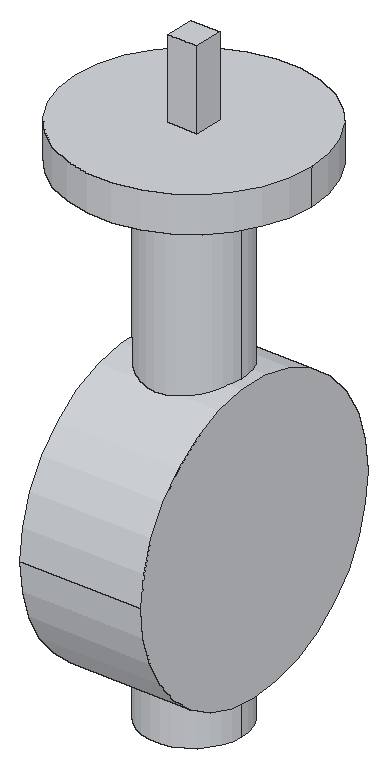
Revit family "HS497-68_disk-nerez_volné vřeteno DN065-RFA_2019", category Pipe Accessories, Revit 2019
Family settings
  Round Connector Dimension = Use Diameter
  Part Type = Valve - Breaks Into
  Work Plane-Based = No
  Always vertical = Yes
  Cut with Voids When Loaded = No
  Shared = No
Parameters (values of type "HS 497-68_DN065_PN16_volné vřeteno")
  magiProductId = "5e5e208646e34ec29f889baab5d08e"
  magiProductFamilyId = "53cea81e6f374d17b8841d9c72ad77"
  magiPartTypeId = 305
  isMeasuringValve [instance] = no
  ang2D [instance] = 0.00°
  X11 = 61.456 mm
  X1 = 25.456 mm
  W2D = 1000 mm
  VersionID = "2.0/2017.9.26.1/ZETKAMA_497_001"
  Use Minimum Symbol Size [instance] = yes
  URL = "http://www.hydronic.cz"
  Type Comments = "mezipřírubová; lnerezový disk; PN16; -10~+110°C (krátkodobě +120°C)"
  SW30 = no
  SW3 = no
  SW21 = no
  SW20 = no
  SW2 = no
  SW1 = yes
  R = 32.5 mm
  QmdConnectorList = "301;D;302;D"
  Productdata [instance] = ""
  NC = 50 mm
  Manufacturer = "Hydronic Systems Prague s.r.o."
  MM20 = 25.456 mm
  MC Product Code = "124 065 (nerezový disk, s volným vřetenem; DN65; PN16, kvs167)"
  M41 = 66 mm
  M4 = 44 mm
  LHL = 220 mm
  LHH3 = 2.45 mm
  LHH1 = 46.55 mm
  LH1 = 73.333 mm
  L4R__ve = -L4R  # -12.8 mm
  L4R = 12.8 mm
  L42__ve = -L42  # -96 mm
  L42 = 96 mm
  L41__ve = -L41  # -19.2 mm
  L41 = 19.2 mm
  L2D_Min = 3048 mm
  L2D = 216 mm
  L2 = 23 mm
  L1 = 36.8 mm
  L = 46 mm
  H = 30 mm
  G22 = 11.25 mm
  G2 = 22.5 mm
  G1 = 90 mm
  G = 90 mm
  F = 11 mm
  E44 = 31.25 mm
  E42 = 62.5 mm
  E4 = 125 mm
  E23 = 4.9 mm
  E22 = 19.6 mm
  E21 = 9.8 mm
  Description = "Mezipřírubová uzavírací klapka s volným vřetenem; nerezový disk, DN65; PN16; kv167"
  DR2 = 32.5 mm
  DR = 108 mm
  DD1 = 15.625 mm
  DD = 12.5 mm
  D = 65 mm
  CAT0 = yes
  B2__ve = -B2  # -36.5 mm
  B2 = 36.5 mm
  A2 = 13.5 mm
  A1 = 89 mm
Types (43, lengths in mm): name | magiProductId | X11 | X1 | Type Comments | SW30 | SW3 | SW20 | SW2 | SW1 | R | NC | Manufacturer | MM20 | MC Product Code | M41 | M4 | LHL | LHH3 | LHH1 | LH1 | L4R__ve | L4R | L42__ve | L42 | L41__ve | L41 | L2 | L1 | L | H | G | F | E44 | E42 | E4 | E23 | E22 | E21 | Description | DR2 | DR | DD1 | DD | D | B2__ve | B2 | A2 | A1
  HS 497-68_DN100_PN16_volné vřeteno | "65d1b245f4f142c78569c0602d5754" | 61.456 | 25.456 | "mezipřírubová; nerezový disk; PN16; -10~+110°C (krátkodobě +120°C)" | no | no | no | no | yes | 50 | 50 | "Hydronic Systems Prague s.r.o." | 25.456 | "124 100 (nerezový disk, s volným vřetenem; DN100; PN16, kvs512)" | 66 | 44 | 220 | 2.45 | 46.55 | 73.333 | -12.8 | 12.8 | -96 | 96 | -19.2 | 19.2 | 26 | 41.6 | 52 | 30 | 90 | 11 | 31.25 | 62.5 | 125 | 4.9 | 19.6 | 9.8 | "Mezipřírubová uzavírací klapka s volným vřetenem; nerezový disk, DN100; PN16; kvs512" | 50 | 147 | 15.625 | 12.5 | 100 | -56 | 56 | 16.5 | 98.5
  HS 497-68_DN100_PN16_převodové kolo | "11e91b807e674d428c8e796fcdcfe2" | 61.456 | 25.456 | "mezipřírubová; nerezový disk; PN16; -10~+110°C (krátkodobě +120°C)" | yes | yes | no | no | no | 50 | 50 | "Hydronic Systems Prague s.r.o." | 25.456 | "126 100 (nerezový disk, s převodovým kolem; DN100; PN16, kvs512)" | 65.25 | 43.5 | 220 | 2.45 | 46.55 | 73.333 | -12.8 | 12.8 | -96 | 96 | -19.2 | 19.2 | 26 | 41.6 | 52 | 30 | 90 | 11 | 31.25 | 62.5 | 125 | 4.9 | 19.6 | 9.8 | "Mezipřírubová uzavírací klapka s převodovým kolem; nerezový disk, DN100; PN16; kvs512" | 50 | 147 | 15.625 | 12.5 | 100 | -56 | 56 | 16.5 | 98.5
  HS 497-68_DN100_PN16_s pákou | "28172f0b3f4b47b28323ac71cf8749" | 61.456 | 25.456 | "mezipřírubová; nerezový disk; PN16; -10~+110°C (krátkodobě +120°C)" | no | no | yes | yes | no | 50 | 50 | "Hydronic Systems Prague s.r.o." | 25.456 | "121 100 (nerezový disk, s pákou; DN100; PN16, kvs512)" | 66 | 44 | 260 | 3 | 57 | 86.667 | -12.8 | 12.8 | -96 | 96 | -19.2 | 19.2 | 26 | 41.6 | 52 | 30 | 90 | 11 | 31.25 | 62.5 | 125 | 6 | 24 | 12 | "Mezipřírubová uzavírací klapka s pákou; nerezový disk, DN100; PN16; kvs512" | 50 | 147 | 15.625 | 12.5 | 100 | -56 | 56 | 16.5 | 98.5
  HS 497-68_DN125_PN16_volné vřeteno | "0d813d910fc14f628bb3c2efbd185c" | 61.456 | 25.456 | "mezipřírubová; nerezový disk; PN16; -10~+110°C (krátkodobě +120°C)" | no | no | no | no | yes | 62.5 | 50 | "Hydronic Systems Prague s.r.o." | 25.456 | "124 125 (nerezový disk, s volným vřetenem; DN125; PN16, kvs872)" | 66 | 44 | 220 | 2.45 | 46.55 | 73.333 | -12.8 | 12.8 | -96 | 96 | -19.2 | 19.2 | 28 | 44.8 | 56 | 33 | 90 | 14 | 31.25 | 62.5 | 125 | 4.9 | 19.6 | 9.8 | "Mezipřírubová uzavírací klapka s volným vřetenem; nerezový disk, DN125; PN16; kvs872" | 62.5 | 180 | 15.625 | 12.5 | 125 | -64 | 64 | 18 | 99.5
  HS 497-68_DN125_PN16_převodové kolo | "c56b7c13f372467684996fb1e0e229" | 61.456 | 25.456 | "mezipřírubová; nerezový disk; PN16; -10~+110°C (krátkodobě +120°C)" | yes | yes | no | no | no | 62.5 | 50 | "Hydronic Systems Prague s.r.o." | 25.456 | "126125 (nerezový disk, s převodovým kolem; DN125; PN16, kvs872)" | 65.25 | 43.5 | 220 | 2.45 | 46.55 | 73.333 | -13.5 | 13.5 | -101.25 | 101.25 | -20.25 | 20.25 | 28 | 44.8 | 56 | 33 | 90 | 14 | 40 | 80 | 160 | 4.9 | 19.6 | 9.8 | "Mezipřírubová uzavírací klapka s převodovým kolem; nerezový disk, DN125; PN16; kvs872" | 62.5 | 180 | 20 | 16 | 125 | -64 | 64 | 18 | 99.5
  HS 497-68_DN125_PN16_s pákou | "105993c79a91492399feef7931321a" | 61.456 | 25.456 | "mezipřírubová; nerezový disk; PN16; -10~+110°C (krátkodobě +120°C)" | no | no | yes | yes | no | 62.5 | 50 | "Hydronic Systems Prague s.r.o." | 25.456 | "121 125 (nerezový disk, s pákou; DN125; PN16, kvs872)" | 66 | 44 | 315 | 3.75 | 71.25 | 105 | -12.8 | 12.8 | -96 | 96 | -19.2 | 19.2 | 28 | 44.8 | 56 | 33 | 90 | 14 | 31.25 | 62.5 | 125 | 7.5 | 30 | 15 | "Mezipřírubová uzavírací klapka s pákou; nerezový disk, DN125; PN16; kvs872" | 62.5 | 180 | 15.625 | 12.5 | 125 | -64 | 64 | 18 | 99.5
  HS 497-68_DN150_PN16_volné vřeteno | "50c80cb8ab434f55ab7796e5ac1331" | 61.456 | 25.456 | "mezipřírubová; nerezový disk; PN16; -10~+110°C (krátkodobě +120°C)" | no | no | no | no | yes | 75 | 50 | "Hydronic Systems Prague s.r.o." | 25.456 | "124 150 (nerezový disk, s volným vřetenem; DN150; PN16, kvs1347)" | 66 | 44 | 220 | 2.45 | 46.55 | 73.333 | -12.8 | 12.8 | -96 | 96 | -19.2 | 19.2 | 28 | 44.8 | 56 | 33 | 90 | 14 | 31.25 | 62.5 | 125 | 4.9 | 19.6 | 9.8 | "Mezipřírubová uzavírací klapka s volným vřetenem; nerezový disk, DN150; PN16; kvs1347" | 75 | 206 | 15.625 | 12.5 | 150 | -58 | 58 | 19.3 | 98.7
  HS 497-68_DN150_PN16_převodové kolo | "d94a1a0cf83b476eb10011b327f709" | 61.456 | 25.456 | "mezipřírubová; nerezový disk; PN16; -10~+110°C (krátkodobě +120°C)" | yes | yes | no | no | no | 75 | 50 | "Hydronic Systems Prague s.r.o." | 25.456 | "126 150 (nerezový disk, s převodovým kolem; DN150; PN16, kvs1347)" | 65.25 | 43.5 | 220 | 2.45 | 46.55 | 73.333 | -13.5 | 13.5 | -101.25 | 101.25 | -20.25 | 20.25 | 28 | 44.8 | 56 | 33 | 90 | 14 | 40 | 80 | 160 | 4.9 | 19.6 | 9.8 | "Mezipřírubová uzavírací klapka s převodovým kolem; nerezový disk, DN150; PN16; kvs1347" | 75 | 206 | 20 | 16 | 150 | -58 | 58 | 19.3 | 98.7
  HS 497-68_DN150_PN16_s pákou | "4d2835523fe84828bc50ff0a5a0dfb" | 61.456 | 25.456 | "mezipřírubová; nerezový disk; PN16; -10~+110°C (krátkodobě +120°C)" | no | no | yes | yes | no | 75 | 50 | "Hydronic Systems Prague s.r.o." | 25.456 | "121 150 (nerezový disk, s pákou; DN150; PN16, kvs1347)" | 66 | 44 | 315 | 3.75 | 71.25 | 105 | -12.8 | 12.8 | -96 | 96 | -19.2 | 19.2 | 28 | 44.8 | 56 | 33 | 90 | 14 | 31.25 | 62.5 | 125 | 7.5 | 30 | 15 | "Mezipřírubová uzavírací klapka s pákou; nerezový disk, DN150; PN16; kvs1347" | 75 | 206 | 15.625 | 12.5 | 150 | -58 | 58 | 19.3 | 98.7
  HS 497-68_DN200_PN16_volné vřeteno | "5b29029eaeba47139ee1055a4b9201" | 61.456 | 25.456 | "mezipřírubová; nerezový disk; PN16; -10~+110°C (krátkodobě +120°C)" | no | no | no | no | yes | 100 | 50 | "Hydronic Systems Prague s.r.o." | 25.456 | "124 200 (nerezový disk, s volným vřetenem; DN200; PN16, kvs2675)" | 66 | 44 | 220 | 2.45 | 46.55 | 73.333 | -12.8 | 12.8 | -96 | 96 | -19.2 | 19.2 | 30 | 48 | 60 | 33 | 90 | 17 | 31.25 | 62.5 | 125 | 4.9 | 19.6 | 9.8 | "Mezipřírubová uzavírací klapka s volným vřetenem; nerezový disk, DN200; PN16; kvs2675" | 100 | 257 | 15.625 | 12.5 | 200 | -70 | 70 | 22.5 | 102.5
  HS 497-68_DN200_PN16_převodové kolo | "b2793cc1fcc44cf2a35062cd67c04f" | 61.456 | 25.456 | "mezipřírubová; nerezový disk; PN16; -10~+110°C (krátkodobě +120°C)" | yes | yes | no | no | no | 100 | 57 | "Hydronic Systems Prague s.r.o." | 25.456 | "126 200 (nerezový disk, s převodovým kolem; DN200; PN16, kvs2675)" | 78.75 | 52.5 | 220 | 2.45 | 46.55 | 73.333 | -15.2 | 15.2 | -114 | 114 | -22.8 | 22.8 | 30 | 48 | 60 | 33 | 90 | 17 | 50 | 100 | 200 | 4.9 | 19.6 | 9.8 | "Mezipřírubová uzavírací klapka s převodovým kolem; nerezový disk, DN200; PN16; kvs2675" | 100 | 257 | 25 | 20 | 200 | -70 | 70 | 22.5 | 102.5
  HS 497-68_DN200_PN16_s pákou | "f88d96c7af224537a51e72d7d8fffe" | 61.456 | 25.456 | "mezipřírubová; nerezový disk; PN16; -10~+110°C (krátkodobě +120°C)" | no | no | yes | yes | no | 100 | 50 | "Hydronic Systems Prague s.r.o." | 25.456 | "121 200 (nerezový disk, s pákou; DN200; PN16, kvs2675)" | 66 | 44 | 315 | 3.75 | 71.25 | 105 | -12.8 | 12.8 | -96 | 96 | -19.2 | 19.2 | 30 | 48 | 60 | 33 | 90 | 17 | 31.25 | 62.5 | 125 | 7.5 | 30 | 15 | "Mezipřírubová uzavírací klapka s pákou; nerezový disk, DN200; PN16; kvs2675" | 100 | 257 | 15.625 | 12.5 | 200 | -70 | 70 | 22.5 | 102.5
  HS 497-68_DN250_PN16_volné vřeteno | "b662e8305ca2402b9c510e66e6aa55" | 88.77 | 36.77 | "mezipřírubová; nerezový disk; PN16; -10~+110°C (krátkodobě +120°C)" | no | no | no | no | yes | 125 | 50 | "Hydronic Systems Prague s.r.o." | 36.77 | "124 250 (nerezový disk, s volným vřetenem; DN250; PN16, kvs4555)" | 66 | 44 | 220 | 2.45 | 46.55 | 73.333 | -12.8 | 12.8 | -96 | 96 | -19.2 | 19.2 | 34 | 54.4 | 68 | 23 | 130 | 22 | 31.25 | 62.5 | 125 | 4.9 | 19.6 | 9.8 | "Mezipřírubová uzavírací klapka s volným vřetenem; nerezový disk, DN250; PN16; kvs4555" | 125 | 324 | 15.625 | 12.5 | 250 | -85 | 85 | 28.25 | 129.25
  HS 497-68_DN250_PN16_převodové kolo | "5ee9016806664ddfaa2632711f295c" | 88.77 | 36.77 | "mezipřírubová; nerezový disk; PN16; -10~+110°C (krátkodobě +120°C)" | yes | yes | no | no | no | 125 | 70 | "Hydronic Systems Prague s.r.o." | 36.77 | "126 250 (nerezový disk, s převodovým kolem; DN250; PN16, kvs4555)" | 91.5 | 61 | 220 | 2.45 | 46.55 | 73.333 | -22.2 | 22.2 | -166.5 | 166.5 | -33.3 | 33.3 | 34 | 54.4 | 68 | 23 | 130 | 22 | 62.5 | 125 | 250 | 4.9 | 19.6 | 9.8 | "Mezipřírubová uzavírací klapka s převodovým kolem; nerezový disk, DN250; PN16; kvs4555" | 125 | 324 | 31.25 | 25 | 250 | -85 | 85 | 28.25 | 129.25
  HS 497-68_DN300_PN16_volné vřeteno | "e1886f51ff004380a649519258edf2" | 88.77 | 36.77 | "mezipřírubová; nerezový disk; PN16; -10~+110°C (krátkodobě +120°C)" | no | no | no | no | yes | 150 | 50 | "Hydronic Systems Prague s.r.o." | 36.77 | "124 300 (nerezový disk, s volným vřetenem; DN300; PN16, kvs7037)" | 66 | 44 | 220 | 2.45 | 46.55 | 73.333 | -12.8 | 12.8 | -96 | 96 | -19.2 | 19.2 | 39 | 62.4 | 78 | 23 | 130 | 22 | 31.25 | 62.5 | 125 | 4.9 | 19.6 | 9.8 | "Mezipřírubová uzavírací klapka s volným vřetenem; nerezový disk, DN300; PN16; kvs7037" | 150 | 376 | 15.625 | 12.5 | 300 | -90 | 90 | 30.8 | 127.2
  HS 497-68_DN300_PN16_převodové kolo | "6860f094f77d42088fbebc3c97f755" | 88.77 | 36.77 | "mezipřírubová; nerezový disk; PN16; -10~+110°C (krátkodobě +120°C)" | yes | yes | no | no | no | 150 | 70 | "Hydronic Systems Prague s.r.o." | 36.77 | "126 300 (nerezový disk, s převodovým kolem; DN300; PN16, kvs7037)" | 91.5 | 61 | 220 | 2.45 | 46.55 | 73.333 | -22.2 | 22.2 | -166.5 | 166.5 | -33.3 | 33.3 | 39 | 62.4 | 78 | 23 | 130 | 22 | 62.5 | 125 | 250 | 4.9 | 19.6 | 9.8 | "Mezipřírubová uzavírací klapka s převodovým kolem; nerezový disk, DN300; PN16; kvs7037" | 150 | 376 | 31.25 | 25 | 300 | -90 | 90 | 30.8 | 127.2
  HS 497-68_DN032_PN16_volné vřeteno | "8c5f65de52aa4067a77564107e31b2" | 61.456 | 25.456 | "mezipřírubová; nerezový disk; PN16; -10~+110°C (krátkodobě +120°C)" | no | no | no | no | yes | 16 | 50 | "Hydronic Systems Prague s.r.o." | 25.456 | "124 032 (nerezový disk, s volným vřetenem; DN32; PN16, kvs78)" | 66 | 44 | 220 | 2.45 | 46.55 | 73.333 | -12.8 | 12.8 | -96 | 96 | -19.2 | 19.2 | 16.5 | 26.4 | 33 | 30 | 90 | 11 | 31.25 | 62.5 | 125 | 4.9 | 19.6 | 9.8 | "Mezipřírubová uzavírací klapka s volným vřetenem; nerezový disk, DN32; PN16; kvs78" | 16 | 68 | 15.625 | 12.5 | 32 | -44.2 | 44.2 | 10.25 | 76.25
  HS 497-68_DN032_PN16_převodové kolo | "60aaeffa8b3a4e809ef000e4660060" | 61.456 | 25.456 | "mezipřírubová; nerezový disk; PN16; -10~+110°C (krátkodobě +120°C)" | yes | yes | no | no | no | 16 | 50 | "Hydronic Systems Prague s.r.o." | 25.456 | "126 032 (nerezový disk, s převodovým kolem; DN32; PN16, kvs78)" | 65.25 | 43.5 | 220 | 2.45 | 46.55 | 73.333 | -12.8 | 12.8 | -96 | 96 | -19.2 | 19.2 | 16.5 | 26.4 | 33 | 30 | 90 | 11 | 31.25 | 62.5 | 125 | 4.9 | 19.6 | 9.8 | "Mezipřírubová uzavírací klapka s převodovým kolem; nerezový disk, DN32; PN16; kvs78" | 16 | 68 | 15.625 | 12.5 | 32 | -44.2 | 44.2 | 10.25 | 76.25
  HS 497-68_DN032_PN16_s pákou | "9ad8088d610749a1b871aa2aad8007" | 61.456 | 25.456 | "mezipřírubová; nerezový disk; PN16; -10~+110°C (krátkodobě +120°C)" | no | no | yes | yes | no | 16 | 50 | "Hydronic Systems Prague s.r.o." | 25.456 | "121 032 (nerezový disk, s pákou; DN32; PN16, kvs78)" | 66 | 44 | 220 | 2.45 | 46.55 | 73.333 | -12.8 | 12.8 | -96 | 96 | -19.2 | 19.2 | 16.5 | 26.4 | 33 | 30 | 90 | 11 | 31.25 | 62.5 | 125 | 4.9 | 19.6 | 9.8 | "Mezipřírubová uzavírací klapka s pákou; nerezový disk, DN32; PN16; kvs78" | 16 | 68 | 15.625 | 12.5 | 32 | -44.2 | 44.2 | 10.25 | 76.25
  HS 497-68_DN350_PN10_volné vřeteno | "72a1e05f22944421b7e9596a877137" | 109.255 | 45.255 | "mezipřírubová; nerezový disk; PN10; -10~+110°C (krátkodobě +120°C)" | no | no | no | no | yes | 175 | 50 | "Hydronic Systems Prague s.r.o." | 45.255 | "124 350 (nerezový disk, s volným vřetenem; DN350; PN10, kvs10165)" | 66 | 44 | 220 | 2.45 | 46.55 | 73.333 | -12.8 | 12.8 | -96 | 96 | -19.2 | 19.2 | 39 | 62.4 | 78 | 31 | 160 | 22 | 31.25 | 62.5 | 125 | 4.9 | 19.6 | 9.8 | "Mezipřírubová uzavírací klapka s volným vřetenem; nerezový disk, DN350; PN10; kvs10165" | 175 | 430 | 15.625 | 12.5 | 350 | -88 | 88 | 33.85 | 129.65
  HS 497-68_DN350_PN10_převodové kolo | "a5a01426cb28494ba3afca92f1dace" | 109.255 | 45.255 | "mezipřírubová; nerezový disk; PN10; -10~+110°C (krátkodobě +120°C)" | yes | yes | no | no | no | 175 | 70 | "Hydronic Systems Prague s.r.o." | 45.255 | "126 350 (nerezový disk, s převodovým kolem; DN350; PN10, kvs10165)" | 91.5 | 61 | 220 | 2.45 | 46.55 | 73.333 | -22.2 | 22.2 | -166.5 | 166.5 | -33.3 | 33.3 | 39 | 62.4 | 78 | 31 | 160 | 22 | 62.5 | 125 | 250 | 4.9 | 19.6 | 9.8 | "Mezipřírubová uzavírací klapka s převodovým kolem; nerezový disk, DN350; PN10; kvs10165" | 175 | 430 | 31.25 | 25 | 350 | -88 | 88 | 33.85 | 129.65
  HS 497-68_DN400_PN10_volné vřeteno | "c70ebeb927c04ab99b176e257ad0a7" | 109.255 | 45.255 | "mezipřírubová; nerezový disk; PN10; -10~+110°C (krátkodobě +120°C)" | no | no | no | no | yes | 200 | 50 | "Hydronic Systems Prague s.r.o." | 45.255 | "124 400 (nerezový disk, s volným vřetenem; DN400; PN10, kvs13799)" | 66 | 44 | 220 | 2.45 | 46.55 | 73.333 | -12.8 | 12.8 | -96 | 96 | -19.2 | 19.2 | 51 | 81.6 | 102 | 31 | 160 | 27 | 31.25 | 62.5 | 125 | 4.9 | 19.6 | 9.8 | "Mezipřírubová uzavírací klapka s volným vřetenem; nerezový disk, DN400; PN10; kvs13799" | 200 | 485 | 15.625 | 12.5 | 400 | -108 | 108 | 38 | 142
  HS 497-68_DN400_PN10_převodové kolo | "cc64a4384dcb41b780d81810f4f293" | 109.255 | 45.255 | "mezipřírubová; nerezový disk; PN10; -10~+110°C (krátkodobě +120°C)" | yes | yes | no | no | no | 200 | 72.5 | "Hydronic Systems Prague s.r.o." | 45.255 | "126 400 (nerezový disk, s převodovým kolem; DN400; PN10, kvs13799)" | 103.5 | 69 | 220 | 2.45 | 46.55 | 73.333 | -27.8 | 27.8 | -208.5 | 208.5 | -41.7 | 41.7 | 51 | 81.6 | 102 | 31 | 160 | 27 | 75 | 150 | 300 | 4.9 | 19.6 | 9.8 | "Mezipřírubová uzavírací klapka s převodovým kolem; nerezový disk, DN400; PN10; kvs13799" | 200 | 485 | 37.5 | 30 | 400 | -108 | 108 | 38 | 142
  HS 497-68_DN040_PN16_volné vřeteno | "35f92312390745e88df5b5c325d9ee" | 61.456 | 25.456 | "mezipřírubová; nerezový disk; PN16; -10~+110°C (krátkodobě +120°C)" | no | no | no | no | yes | 20 | 50 | "Hydronic Systems Prague s.r.o." | 25.456 | "124 040 (nerezový disk, s volným vřetenem; DN40; PN16, kvs78)" | 66 | 44 | 220 | 2.45 | 46.55 | 73.333 | -12.8 | 12.8 | -96 | 96 | -19.2 | 19.2 | 16.5 | 26.4 | 33 | 30 | 90 | 11 | 31.25 | 62.5 | 125 | 4.9 | 19.6 | 9.8 | "Mezipřírubová uzavírací klapka s volným vřetenem; nerezový disk, DN40; PN16; kvs78" | 20 | 76 | 15.625 | 12.5 | 40 | -36 | 36 | 11 | 79
  HS 497-68_DN040_PN16_převodové kolo | "d88e968eae3445bc9b7b4e6ff35127" | 61.456 | 25.456 | "mezipřírubová; nerezový disk; PN16; -10~+110°C (krátkodobě +120°C)" | yes | yes | no | no | no | 20 | 50 | "Hydronic Systems Prague s.r.o." | 25.456 | "126 040 (nerezový disk, s převodovým kolem; DN40; PN16, kvs78)" | 65.25 | 43.5 | 220 | 2.45 | 46.55 | 73.333 | -12.8 | 12.8 | -96 | 96 | -19.2 | 19.2 | 16.5 | 26.4 | 33 | 30 | 90 | 11 | 31.25 | 62.5 | 125 | 4.9 | 19.6 | 9.8 | "Mezipřírubová uzavírací klapka s převodovým kolem; nerezový disk, DN40; PN16; kvs78" | 20 | 76 | 15.625 | 12.5 | 40 | -36 | 36 | 11 | 79
  HS 497-68_DN040_PN16_s pákou | "c1b522ca65b4407a98818f232eaacb" | 61.456 | 25.456 | "mezipřírubová; nerezový disk; PN16; -10~+110°C (krátkodobě +120°C)" | no | no | yes | yes | no | 20 | 50 | "Hydronic Systems Prague s.r.o." | 25.456 | "121 040 (nerezový disk, s pákou; DN40; PN16, kvs78)" | 66 | 44 | 220 | 2.45 | 46.55 | 73.333 | -12.8 | 12.8 | -96 | 96 | -19.2 | 19.2 | 16.5 | 26.4 | 33 | 30 | 90 | 11 | 31.25 | 62.5 | 125 | 4.9 | 19.6 | 9.8 | "Mezipřírubová uzavírací klapka s pákou; nerezový disk, DN40; PN16; kvs78" | 20 | 76 | 15.625 | 12.5 | 40 | -36 | 36 | 11 | 79
  HS 497-68_DN450_PN10_volné vřeteno | "a8358bc282f14872b3194e530e590a" | 129.74 | 53.74 | "mezipřírubová; nerezový disk; PN10; -10~+110°C (krátkodobě +120°C)" | no | no | no | no | yes | 225 | 50 | "Hydronic Systems Prague s.r.o." | 53.74 | "124 450 (nerezový disk, s volným vřetenem; DN450; PN10, kvs18514)" | 66 | 44 | 220 | 2.45 | 46.55 | 73.333 | -12.8 | 12.8 | -96 | 96 | -19.2 | 19.2 | 57 | 91.2 | 114 | 38 | 190 | 36 | 31.25 | 62.5 | 125 | 4.9 | 19.6 | 9.8 | "Mezipřírubová uzavírací klapka s volným vřetenem; nerezový, DN450; PN10; kvs18514" | 225 | 536 | 15.625 | 12.5 | 450 | -115 | 115 | 38.05 | 117.45
  HS 497-68_DN450_PN10_převodové kolo | "cdf2d80f54a9414f9cbe50647c0ebd" | 129.74 | 53.74 | "mezipřírubová; nerezový disk; PN10; -10~+110°C (krátkodobě +120°C)" | yes | yes | no | no | no | 225 | 91.5 | "Zetkama" | 53.74 | "126 450 (nerezový disk, s převodovým kolem; DN450; PN10, kvs18514)" | 144.75 | 96.5 | 220 | 2.45 | 46.55 | 73.333 | -32.1 | 32.1 | -240.75 | 240.75 | -48.15 | 48.15 | 57 | 91.2 | 114 | 38 | 190 | 36 | 100 | 200 | 400 | 4.9 | 19.6 | 9.8 | "Mezipřírubová uzavírací klapka s převodovým kolem; nerezový disk, DN450; PN10; kvs18514" | 225 | 536 | 50 | 40 | 450 | -115 | 115 | 38.05 | 117.45
  HS 497-68_DN500_PN10_volné vřeteno | "8c396e27bb2743f98f3c762b6517cd" | 143.397 | 59.397 | "mezipřírubová; nerezový disk; PN10; -10~+110°C (krátkodobě +120°C)" | no | no | no | no | yes | 250 | 50 | "Hydronic Systems Prague s.r.o." | 59.397 | "124 500 (nerezový disk, s volným vřetenem; DN500; PN10, kvs23805)" | 66 | 44 | 220 | 2.45 | 46.55 | 73.333 | -12.8 | 12.8 | -96 | 96 | -19.2 | 19.2 | 63.5 | 101.6 | 127 | 38 | 210 | 36 | 31.25 | 62.5 | 125 | 4.9 | 19.6 | 9.8 | "Mezipřírubová uzavírací klapka s volným vřetenem; nerezový disk, DN500; PN10; kvs23805" | 250 | 593 | 15.625 | 12.5 | 500 | -130 | 130 | 43.25 | 139.25
  HS 497-68_DN500_PN10_převodové kolo | "7647804f32e94cef828a7034a91a46" | 143.397 | 59.397 | "mezipřírubová; nerezový disk; PN10; -10~+110°C (krátkodobě +120°C)" | yes | yes | no | no | no | 250 | 91.5 | "Zetkama" | 59.397 | "126 500 (nerezový disk, s převodovým kolem; DN500; PN10, kvs23805)" | 144.75 | 96.5 | 220 | 2.45 | 46.55 | 73.333 | -32.1 | 32.1 | -240.75 | 240.75 | -48.15 | 48.15 | 63.5 | 101.6 | 127 | 38 | 210 | 36 | 100 | 200 | 400 | 4.9 | 19.6 | 9.8 | "Mezipřírubová uzavírací klapka s převodovým kolem; nerezový disk, DN500; PN10; kvs23805" | 250 | 593 | 50 | 40 | 500 | -130 | 130 | 43.25 | 139.25
  HS 497-68_DN050_volné vřeteno | "d71f296ecd6d4adf8f6e5d9853b4e0" | 61.456 | 25.456 | "mezipřírubová; nerezový disk; PN16; -10~+110°C (krátkodobě +120°C)" | no | no | no | no | yes | 25 | 50 | "Hydronic Systems Prague s.r.o." | 25.456 | "124 050 (nerezový disk, s volným vřetenem; DN50; PN16, kvs98)" | 66 | 44 | 220 | 2.45 | 46.55 | 73.333 | -12.8 | 12.8 | -96 | 96 | -19.2 | 19.2 | 21.5 | 34.4 | 43 | 30 | 90 | 11 | 31.25 | 62.5 | 125 | 4.9 | 19.6 | 9.8 | "Mezipřírubová uzavírací klapka s volným vřetenem; nerezový disk, DN50; PN16; kvs98" | 25 | 100 | 15.625 | 12.5 | 50 | -36.5 | 36.5 | 12 | 83
  HS 497-68_DN050_PN16_převodové kolo | "2fb080deeaed49c58418b94c1da5a4" | 61.456 | 25.456 | "mezipřírubová; nerezový disk; PN16; -10~+110°C (krátkodobě +120°C)" | yes | yes | no | no | no | 25 | 50 | "Hydronic Systems Prague s.r.o." | 25.456 | "126 050 (nerezový disk, s převodovým kolem; DN50; PN16, kvs98)" | 65.25 | 43.5 | 220 | 2.45 | 46.55 | 73.333 | -12.8 | 12.8 | -96 | 96 | -19.2 | 19.2 | 21.5 | 34.4 | 43 | 30 | 90 | 11 | 31.25 | 62.5 | 125 | 4.9 | 19.6 | 9.8 | "Mezipřírubová uzavírací klapka s převodovým kolem; nerezový disk, DN50; PN16; kvs98" | 25 | 100 | 15.625 | 12.5 | 50 | -36.5 | 36.5 | 12 | 83
  HS 497-68_DN050_PN16_s pákou | "dabc632061f94877a994b9b4e68112" | 61.456 | 25.456 | "mezipřírubová; nerezový disk; PN16; -10~+110°C (krátkodobě +120°C)" | no | no | yes | yes | no | 25 | 50 | "Hydronic Systems Prague s.r.o." | 25.456 | "121 050 (nerezový disk, s pákou; DN50; PN16, kvs98)" | 66 | 44 | 220 | 2.45 | 46.55 | 73.333 | -12.8 | 12.8 | -96 | 96 | -19.2 | 19.2 | 21.5 | 34.4 | 43 | 30 | 90 | 11 | 31.25 | 62.5 | 125 | 4.9 | 19.6 | 9.8 | "Mezipřírubová uzavírací klapka s pákou; nerezový disk, DN50; PN16; kvs98" | 25 | 100 | 15.625 | 12.5 | 50 | -36.5 | 36.5 | 12 | 83
  HS 497-68_DN600_PN10_volné vřeteno | "99d5892c14664fce81a7c5903f7711" | 143.397 | 59.397 | "mezipřírubová; nerezový disk; PN10; -10~+110°C (krátkodobě +120°C)" | no | no | no | no | yes | 300 | 50 | "Hydronic Systems Prague s.r.o." | 59.397 | "124 600 (nerezový disk, s volným vřetenem; DN600; PN10, kvs36778)" | 66 | 44 | 220 | 2.45 | 46.55 | 73.333 | -12.8 | 12.8 | -96 | 96 | -19.2 | 19.2 | 77 | 123.2 | 154 | 80 | 210 | 60 | 31.25 | 62.5 | 125 | 4.9 | 19.6 | 9.8 | "Mezipřírubová uzavírací klapka s volným vřetenem; nerezový disk, DN600; PN10; kvs36788" | 300 | 690 | 15.625 | 12.5 | 600 | -140 | 140 | 49.4 | 144.6
  HS 497-68_DN600_PN10_převodové kolo | "b1e26faab48a4c499f6bb11e7e3002" | 143.397 | 59.397 | "mezipřírubová; lnerezový disk; PN10; -10~+110°C (krátkodobě +120°C)" | yes | yes | no | no | no | 300 | 140 | "Hydronic Systems Prague s.r.o." | 59.397 | "126 600 (nerezový disk, s převodovým kolem; DN600; PN10, kvs36778)" | 206.25 | 137.5 | 220 | 2.45 | 46.55 | 73.333 | -40.8 | 40.8 | -306 | 306 | -61.2 | 61.2 | 77 | 123.2 | 154 | 80 | 210 | 60 | 125 | 250 | 500 | 4.9 | 19.6 | 9.8 | "Mezipřírubová uzavírací klapka s převodovým kolem; nerezový disk, DN600; PN10; kvs36788" | 300 | 690 | 62.5 | 50 | 600 | -140 | 140 | 49.4 | 144.6
  HS 497-68_DN065_PN16_volné vřeteno | "5e5e208646e34ec29f889baab5d08e" | 61.456 | 25.456 | "mezipřírubová; lnerezový disk; PN16; -10~+110°C (krátkodobě +120°C)" | no | no | no | no | yes | 32.5 | 50 | "Hydronic Systems Prague s.r.o." | 25.456 | "124 065 (nerezový disk, s volným vřetenem; DN65; PN16, kvs167)" | 66 | 44 | 220 | 2.45 | 46.55 | 73.333 | -12.8 | 12.8 | -96 | 96 | -19.2 | 19.2 | 23 | 36.8 | 46 | 30 | 90 | 11 | 31.25 | 62.5 | 125 | 4.9 | 19.6 | 9.8 | "Mezipřírubová uzavírací klapka s volným vřetenem; nerezový disk, DN65; PN16; kv167" | 32.5 | 108 | 15.625 | 12.5 | 65 | -36.5 | 36.5 | 13.5 | 89
  HS 497-68_DN065_PN16_převodové kolo | "654d74c8d15540b0bfe523d988ccb3" | 61.456 | 25.456 | "mezipřírubová; nerezový disk; PN16; -10~+110°C (krátkodobě +120°C)" | yes | yes | no | no | no | 32.5 | 50 | "Hydronic Systems Prague s.r.o." | 25.456 | "126 065 (nerezový disk, s převodovým kolem; DN65; PN16, kvs167)" | 65.25 | 43.5 | 220 | 2.45 | 46.55 | 73.333 | -12.8 | 12.8 | -96 | 96 | -19.2 | 19.2 | 23 | 36.8 | 46 | 30 | 90 | 11 | 31.25 | 62.5 | 125 | 4.9 | 19.6 | 9.8 | "Mezipřírubová uzavírací klapka s převodovým kolem; nerezový disk, DN65; PN16; kvs167" | 32.5 | 108 | 15.625 | 12.5 | 65 | -36.5 | 36.5 | 13.5 | 89
  HS 497-68_DN065_PN16_s pákou | "ebeb4b59db0641caaf6d6635ab37b9" | 61.456 | 25.456 | "mezipřírubová; nerezový disk; PN16; -10~+110°C (krátkodobě +120°C)" | no | no | yes | yes | no | 32.5 | 50 | "Hydronic Systems Prague s.r.o." | 25.456 | "121 065 (nerezový disk, s pákou; DN65; PN16, kvs167)" | 66 | 44 | 220 | 2.45 | 46.55 | 73.333 | -12.8 | 12.8 | -96 | 96 | -19.2 | 19.2 | 23 | 36.8 | 46 | 30 | 90 | 11 | 31.25 | 62.5 | 125 | 4.9 | 19.6 | 9.8 | "Mezipřírubová uzavírací klapka s pákou; nerezový disk, DN65; PN16; kvs167" | 32.5 | 108 | 15.625 | 12.5 | 65 | -36.5 | 36.5 | 13.5 | 89
  HS 497-68_DN080_PN16_volné vřeteno | "9e85c75c18654e1185a9c48ed6b00e" | 61.456 | 25.456 | "mezipřírubová; nerezový disk; PN16; -10~+110°C (krátkodobě +120°C)" | no | no | no | no | yes | 40 | 50 | "Hydronic Systems Prague s.r.o." | 25.456 | "124 080 (nerezový disk, s volným vřetenem; DN80; PN16, kvs258)" | 66 | 44 | 220 | 2.45 | 46.55 | 73.333 | -12.8 | 12.8 | -96 | 96 | -19.2 | 19.2 | 23 | 36.8 | 46 | 30 | 90 | 11 | 31.25 | 62.5 | 125 | 4.9 | 19.6 | 9.8 | "Mezipřírubová uzavírací klapka s volným vřetenem; nerezový disk, DN80; PN16; kvs258" | 40 | 124 | 15.625 | 12.5 | 80 | -54 | 54 | 14.1 | 86.9
  HS 497-68_DN080_PN16_převodové kolo | "5b3c8238c3d041e68c75b199e7ea46" | 61.456 | 25.456 | "mezipřírubová; nerezový disk; PN16; -10~+110°C (krátkodobě +120°C)" | yes | yes | no | no | no | 40 | 50 | "Hydronic Systems Prague s.r.o." | 25.456 | "126 080 (nerezový disk, s převodovým kolem; DN80; PN16, kvs258)" | 65.25 | 43.5 | 220 | 2.45 | 46.55 | 73.333 | -12.8 | 12.8 | -96 | 96 | -19.2 | 19.2 | 23 | 36.8 | 46 | 30 | 90 | 11 | 31.25 | 62.5 | 125 | 4.9 | 19.6 | 9.8 | "Mezipřírubová uzavírací klapka s převodovým kolem; nerezový disk, DN80; PN16; kvs258" | 40 | 124 | 15.625 | 12.5 | 80 | -54 | 54 | 14.1 | 86.9
  HS 497-68_DN080_PN16_s pákou | "e414795fab0f4eccb99bc3572c5477" | 61.456 | 25.456 | "mezipřírubová; nerezový disk; PN16; -10~+110°C (krátkodobě +120°C)" | no | no | yes | yes | no | 40 | 50 | "Hydronic Systems Prague s.r.o." | 25.456 | "121 080 (nerezový disk, s pákou; DN80; PN16, kvs258)" | 66 | 44 | 260 | 3 | 57 | 86.667 | -12.8 | 12.8 | -96 | 96 | -19.2 | 19.2 | 23 | 36.8 | 46 | 30 | 90 | 11 | 31.25 | 62.5 | 125 | 6 | 24 | 12 | "Mezipřírubová uzavírací klapka s pákou; nerezový disk, DN80; PN16; kvs258" | 40 | 124 | 15.625 | 12.5 | 80 | -54 | 54 | 14.1 | 86.9
  HS 497-68_DN250_PN16_s pákou | "" | 88.77 | 36.77 | "mezipřírubová; nerezový disk; PN16; -10~+110°C (krátkodobě +120°C)" | no | no | yes | yes | no | 125 | 70 | "Hydronic Systems Prague s.r.o." | 36.77 | "121 250 (nerezový disk, s ákou; DN250; PN16, kvs4555)" | 91.5 | 61 | 220 | 2.45 | 46.55 | 73.333 | -22.2 | 22.2 | -166.5 | 166.5 | -33.3 | 33.3 | 34 | 54.4 | 68 | 23 | 130 | 22 | 62.5 | 125 | 250 | 4.9 | 19.6 | 9.8 | "Mezipřírubová uzavírací klapka s pákou; nerezový disk, DN250; PN16; kvs4555" | 125 | 324 | 31.25 | 25 | 250 | -85 | 85 | 28.25 | 129.25
  HS 497-68_DN300_PN16_s pákou | "" | 88.77 | 36.77 | "mezipřírubová; nerezový disk; PN16; -10~+110°C (krátkodobě +120°C)" | no | no | yes | yes | no | 150 | 70 | "Hydronic Systems Prague s.r.o." | 36.77 | "121 300 (nerezový disk, s pákou; DN300; PN16, kvs7037)" | 91.5 | 61 | 220 | 2.45 | 46.55 | 73.333 | -22.2 | 22.2 | -166.5 | 166.5 | -33.3 | 33.3 | 39 | 62.4 | 78 | 23 | 130 | 22 | 62.5 | 125 | 250 | 4.9 | 19.6 | 9.8 | "Mezipřírubová uzavírací klapka s pákou; nerezový disk, DN300; PN16; kvs7037" | 150 | 376 | 31.25 | 25 | 300 | -90 | 90 | 30.8 | 127.2
Reference planes
  plane 1 "Center (Front/Back)": y = 0
  plane 2 "XYPLANE": z = 0
  plane 3 "Center (Left/Right)": x = 0
  plane 4 "473": x = -25.456
  plane 5 "472": x = -66
  plane 6 "471": y = -25.456
  plane 7 "470": y = 25.456
  plane 8 "469": x = -44
  plane 9 "468": y = -115.2
  plane 10 "467": y = -96
  plane 11 "466": z = 166.25
  plane 12 "465": z = 181.55
  plane 13 "464": y = 145.417
  plane 14 "463": z = 171.75
  plane 15 "462": z = 154.6
  plane 16 "461": z = 164.4
  plane 17 "460": y = 72.083
  plane 18 "459": x = -11.25
  plane 19 "458": x = 11.25
  plane 20 "457": y = -6.25
  plane 21 "456": x = -17.5
  plane 22 "455": x = 17.5
  plane 23 "454": z = 169.3
  plane 24 "453": y = 62.083
  plane 25 "452": y = -11.25
  plane 26 "451": x = -22.5
  plane 27 "450": x = 22.5
  plane 28 "449": z = 149.7
  plane 29 "448": z = 144.8
  plane 30 "447": z = -32.5
  plane 31 "446": z = 135
  plane 32 "445": z = 121.5
  plane 33 "444": z = 32.5
  plane 34 "443": x = 23
  plane 35 "442": x = -23
  plane 36 "441": z = 0
  plane 37 "440": y = 0
  plane 38 "439": x = 0
  plane 39 "438": z = 184
  plane 40 "437": z = 169.3
  plane 41 "436": x = 13.7
  plane 42 "435": x = -13.7
  plane 43 "434": y = 220
Forms (mm)
  Extrusion 1, solid, visible <- "SW3"
    sketch origin (-750, 0, 135) x (1, 0, 0) y (0, 1, 0)
      loop
        line (684, 25.456) -> (684, -25.456) -> (724.544, -25.456)
        arc (724.544, -25.456) -> (786, 0) -> (724.544, 25.456) r 36
        line (724.544, 25.456) -> (684, 25.456)
    from 0 to 62.5 <- "E42"
  Extrusion 2, solid, visible <- "SW30"
    sketch origin (0, -750, 0) x (0, 1, 0) y (0, 0, 1)
      loop
        circle (750, 166.25) r 7.813
    from 0 to 50 <- "NC"
  Extrusion 3, solid, visible <- "SW30"
    sketch origin (750, -115.2, 0) x (-1, 0, 0) y (0, 0, 1)
      loop
        circle (794, 166.25) r 62.5
    from 0 to -12.8 <- "L4R__ve"
  Extrusion 4, solid, visible <- "SW3"
    sketch origin (750, -96, 0) x (-1, 0, 0) y (0, 0, 1)
      loop
        circle (794, 166.25) r 7.813
    from 0 to -19.2 <- "L41__ve"
  Extrusion 5, solid, visible <- "SW30"
    sketch origin (750, 0, 0) x (-1, 0, 0) y (0, 0, 1)
      loop
        circle (794, 166.25) r 6.25
    from 0 to -96 <- "L42__ve"
  Blend 6, solid, visible <- "SW21"
    base sketch origin (750, 72.083, 0) x (-1, 0, 0) y (0, 0, 1)
      loop
        line (761.25, 164.4) -> (738.75, 164.4) -> (738.75, 154.6) -> (761.25, 154.6) -> (761.25, 164.4)
    top sketch origin (750, 72.083, 0) x (-1, 0, 0) y (0, 0, 1)
      loop
        line (761.25, 181.55) -> (738.75, 181.55) -> (738.75, 171.75) -> (761.25, 171.75) -> (761.25, 181.55)
    from 0 to 73.333
  Blend 7, solid, visible <- "SW21"
    base sketch origin (750, 62.083, 0) x (-1, 0, 0) y (0, 0, 1)
      loop
        line (761.25, 169.3) -> (738.75, 169.3) -> (738.75, 149.7) -> (761.25, 149.7) -> (761.25, 169.3)
    top sketch origin (750, 62.083, 0) x (-1, 0, 0) y (0, 0, 1)
      loop
        line (761.25, 164.4) -> (738.75, 164.4) -> (738.75, 154.6) -> (761.25, 154.6) -> (761.25, 164.4)
    from 0 to 10
  Blend 8, solid, visible <- "SW21"
    base sketch origin (-750, 0, 149.7) x (1, 0, 0) y (0, 1, 0)
      loop
        line (772.5, 62.083) -> (727.5, 62.083) -> (727.5, -11.25)
        arc (727.5, -11.25) -> (750, -31.25) -> (772.5, -11.25) r 22.656
        line (772.5, -11.25) -> (772.5, 62.083)
    top sketch origin (-750, 0, 149.7) x (1, 0, 0) y (0, 1, 0)
      loop
        line (767.5, 62.083) -> (732.5, 62.083) -> (732.5, -6.25)
        arc (732.5, -6.25) -> (750, -26.25) -> (767.5, -6.25) r 17.656
        line (767.5, -6.25) -> (767.5, 62.083)
    from 0 to 19.6
  Extrusion 9, solid, visible <- "SW2"
    sketch origin (-750, 0, 144.8) x (1, 0, 0) y (0, 1, 0)
      loop
        circle (750, 0) r 11.25
    from 0 to 4.9 <- "E23"
  Extrusion 10, solid, visible <- "SW2"
    sketch origin (-750, 0, 135) x (1, 0, 0) y (0, 1, 0)
      loop
        circle (750, 0) r 45
    from 0 to 9.8 <- "E21"
  Extrusion 11, solid, visible <- "CAT0"
    sketch origin (-750, 0, -32.5) x (1, 0, 0) y (0, 1, 0)
      loop
        circle (750, 0) r 18.4
    from 0 to -36.5 <- "B2__ve"
  Extrusion 12, solid, visible <- "CAT0"
    sketch origin (-750, 0, 121.5) x (1, 0, 0) y (0, 1, 0)
      loop
        circle (750, 0) r 45
    from 0 to 13.5 <- "A2"
  Extrusion 13, solid, visible <- "CAT0"
    sketch origin (-750, 0, 32.5) x (1, 0, 0) y (0, 1, 0)
      loop
        circle (750, 0) r 18.4
    from 0 to 89 <- "A1"
  Extrusion 14, solid, visible <- "CAT0"
    sketch origin (-23, -750, 0) x (0, 1, 0) y (0, 0, 1)
      loop
        circle (750, 0) r 54
    from 0 to 46 <- "L"
  Extrusion 15, solid, visible <- "SW1"
    sketch origin (-750, 0, 135) x (1, 0, 0) y (0, 1, 0)
      loop
        line (755.5, 5.5) -> (744.5, 5.5) -> (744.5, -5.5) -> (755.5, -5.5) -> (755.5, 5.5)
    from 0 to 30 <- "H"
  Blend 16, solid, visible <- "SW2"
    base sketch origin (750, 145.417, 0) x (-1, 0, 0) y (0, 0, 1)
      loop
        arc (763.7, 179) -> (762.236, 182.536) -> (758.7, 184) r 5
        line (758.7, 184) -> (741.3, 184)
        arc (741.3, 184) -> (737.764, 182.536) -> (736.3, 179) r 5
        line (736.3, 179) -> (736.3, 174.3)
        arc (736.3, 174.3) -> (737.764, 170.764) -> (741.3, 169.3) r 5
        line (741.3, 169.3) -> (758.7, 169.3)
        arc (758.7, 169.3) -> (762.236, 170.764) -> (763.7, 174.3) r 5
        line (763.7, 174.3) -> (763.7, 179)
    top sketch origin (750, 145.417, 0) x (-1, 0, 0) y (0, 0, 1)
      loop
        arc (763.7, 179) -> (762.236, 182.536) -> (758.7, 184) r 5
        line (758.7, 184) -> (741.3, 184)
        arc (741.3, 184) -> (737.764, 182.536) -> (736.3, 179) r 5
        line (736.3, 179) -> (736.3, 174.3)
        arc (736.3, 174.3) -> (737.764, 170.764) -> (741.3, 169.3) r 5
        line (741.3, 169.3) -> (758.7, 169.3)
        arc (758.7, 169.3) -> (762.236, 170.764) -> (763.7, 174.3) r 5
        line (763.7, 174.3) -> (763.7, 179)
    from 0 to 74.583
  Blend 17, solid, visible <- "SW20"
    base sketch origin (750, 145.417, 0) x (-1, 0, 0) y (0, 0, 1)
      loop
        line (763.7, 184) -> (736.3, 184) -> (736.3, 169.3) -> (763.7, 169.3) -> (763.7, 184)
    top sketch origin (750, 145.417, 0) x (-1, 0, 0) y (0, 0, 1)
      loop
        line (761.25, 169.3) -> (738.75, 169.3) -> (738.75, 149.7) -> (761.25, 149.7) -> (761.25, 169.3)
    from 0 to -83.333
  Extrusion 18, solid, visible <- "SW20"
    sketch origin (-750, 0, 149.7) x (1, 0, 0) y (0, 1, 0)
      loop
        line (772.5, 62.083) -> (727.5, 62.083) -> (727.5, -11.25)
        arc (727.5, -11.25) -> (750, -31.25) -> (772.5, -11.25) r 22.656
        line (772.5, -11.25) -> (772.5, 62.083)
    from 0 to 19.6 <- "E22"
  Extrusion 19, solid, not visible
    sketch origin (-23, -750, 0) x (0, 1, 0) y (0, 0, 1)
      loop
        circle (750, 0) r 10
    from 0 to 10
  Extrusion 20, solid, not visible
    sketch origin (23, -750, 0) x (0, 1, 0) y (0, 0, 1)
      loop
        circle (750, 0) r 10
    from 0 to -10
Lines and regions (mm)
  reference lines, not visible
    curve 1: circle (2, 2, 0) r 1 normal (0, 0, 1)
  reference lines
    curve 2: line (-25.456, -25.456, 135) -> (-25.456, 25.456, 135)
    curve 3: line (-17.5, -6.25, 149.7) -> (17.5, -6.25, 149.7)
    curve 4: line (-22.5, -11.25, 149.7) -> (22.5, -11.25, 149.7)
    curve 5: circle (0, 0, 135) r 1 normal (0, 0, 1)
    curve 6: line (-22.5, -11.25, 149.7) -> (22.5, -11.25, 149.7)
Dimensions and locks
  plane 1 "Center (Front/Back)" to curve 1 = 2 mm
  "X1": plane 3 "Center (Left/Right)" to plane 4 "473"
  "M41": plane 3 "Center (Left/Right)" to plane 5 "472"
  "MM20": plane 1 "Center (Front/Back)" to plane 6 "471"
  "MM20": plane 1 "Center (Front/Back)" to plane 7 "470"
  "M4": plane 3 "Center (Left/Right)" to plane 8 "469"
  "L41": plane 10 "467" to plane 9 "468"
  "L42": plane 1 "Center (Front/Back)" to plane 10 "467"
  "E44": plane 31 "446" to plane 11 "466"
  "LHH1": plane 31 "446" to plane 12 "465"
  "LH1": plane 17 "460" to plane 13 "464"
  "E21": plane 12 "465" to plane 14 "463"
  "E21": plane 16 "461" to plane 15 "462"
  "E23": plane 23 "454" to plane 16 "461"
  locked: plane 24 "453" to plane 17 "460" at 10
  "G22": plane 3 "Center (Left/Right)" to plane 18 "459"
  "G22": plane 3 "Center (Left/Right)" to plane 19 "458"
  locked: plane 25 "452" to plane 20 "457" at 5
  locked: plane 26 "451" to plane 21 "456" at 5
  locked: plane 27 "450" to plane 22 "455" at 5
  "E22": plane 28 "449" to plane 23 "454"
  "LH1": plane 25 "452" to plane 24 "453"
  "G22": plane 1 "Center (Front/Back)" to plane 25 "452"
  "G2": plane 3 "Center (Left/Right)" to plane 26 "451"
  "G2": plane 3 "Center (Left/Right)" to plane 27 "450"
  "E23": plane 29 "448" to plane 28 "449"
  "E21": plane 31 "446" to plane 29 "448"
  "R": plane 2 "XYPLANE" to plane 30 "447"
  "A2": plane 32 "445" to plane 31 "446"
  "A1": plane 33 "444" to plane 32 "445"
  "DR2": plane 2 "XYPLANE" to plane 33 "444"
  "L2": plane 3 "Center (Left/Right)" to plane 34 "443"
  "L2": plane 3 "Center (Left/Right)" to plane 35 "442"
  locked: plane 2 "XYPLANE" to plane 36 "441"
  locked: plane 1 "Center (Front/Back)" to plane 37 "440"
  locked: plane 3 "Center (Left/Right)" to plane 38 "439"
  "LHH3": plane 12 "465" to plane 39 "438"
  "LHH3": plane 14 "463" to plane 40 "437"
  "LHH3": plane 19 "458" to plane 41 "436"
  "LHH3": plane 18 "459" to plane 42 "435"
  "LHL": plane 1 "Center (Front/Back)" to plane 43 "434"
  "X11": curve 2 to Extrusion 1 sketch curve
  Extrusion 1 sketch curve to Extrusion 1 sketch curve = 0 mm  (x8)
  Blend 6 sketch curve to Blend 6 sketch curve = 0 mm  (x16)
  Blend 7 sketch curve to Blend 7 sketch curve = 0 mm  (x16)
  Blend 8 sketch curve to Blend 8 sketch curve = 0 mm  (x16)
  equal spacing: Extrusion 15 sketch curve, curve 5, Extrusion 15 sketch curve  (x2)
  "F": Extrusion 15 sketch curve to Extrusion 15 sketch curve  (x2)
  Blend 16 sketch curve to Blend 16 sketch curve = 0 mm  (x32)
  Blend 17 sketch curve to Blend 17 sketch curve = 0 mm  (x16)
  Extrusion 18 sketch curve to Extrusion 18 sketch curve = 0 mm  (x8)
  "DD1": diameter of Extrusion 2 sketch curve
  "E4": diameter of Extrusion 3 sketch curve
  "DD1": diameter of Extrusion 4 sketch curve
  "DD": diameter of Extrusion 5 sketch curve
  "G2": diameter of Extrusion 9 sketch curve
  "G1": diameter of Extrusion 10 sketch curve
  "L1": diameter of Extrusion 11 sketch curve
  "G": diameter of Extrusion 12 sketch curve
  "L1": diameter of Extrusion 13 sketch curve
  "DR": diameter of Extrusion 14 sketch curve
  radius of Blend 16 sketch curve = 5 mm  (x8)
  aligned and locked: level to plane 2 "XYPLANE"
  aligned and locked: Extrusion 1 sketch curve to plane 5 "472"
  aligned and locked: plane 7 "470" to Extrusion 1 sketch curve
  aligned and locked: plane 6 "471" to Extrusion 1 sketch curve
  aligned and locked: plane 5 "472" to Extrusion 1 sketch curve
  aligned and locked: plane 4 "473" to Extrusion 1 sketch curve  (x2)
  aligned and locked: plane 4 "473" to curve 2
  aligned and locked: plane 6 "471" to curve 2
  aligned and locked: plane 7 "470" to curve 2
  aligned and locked: Extrusion 1 sketch curve to plane 7 "470"
  aligned and locked: plane 11 "466" to Extrusion 2 sketch curve
  aligned and locked: plane 37 "440" to Extrusion 2 sketch curve
  aligned and locked: plane 8 "469" to Extrusion 3 sketch curve
  aligned and locked: plane 11 "466" to Extrusion 3 sketch curve
  aligned and locked: plane 8 "469" to Extrusion 4 sketch curve
  aligned and locked: plane 11 "466" to Extrusion 4 sketch curve
  aligned and locked: plane 8 "469" to Extrusion 5 sketch curve
  aligned and locked: plane 11 "466" to Extrusion 5 sketch curve
  aligned and locked: plane 12 "465" to Blend 6 sketch curve  (x2)
  aligned and locked: plane 18 "459" to Blend 6 sketch curve  (x4)
  aligned and locked: plane 19 "458" to Blend 6 sketch curve  (x4)
  aligned and locked: plane 14 "463" to Blend 6 sketch curve  (x2)
  aligned and locked: plane 16 "461" to Blend 6 sketch curve  (x2)
  aligned and locked: plane 15 "462" to Blend 6 sketch curve  (x2)
  aligned and locked: plane 13 "464" to Blend 6
  aligned and locked: plane 16 "461" to Blend 7 sketch curve  (x2)
  aligned and locked: plane 18 "459" to Blend 7 sketch curve  (x4)
  aligned and locked: plane 19 "458" to Blend 7 sketch curve  (x4)
  aligned and locked: plane 15 "462" to Blend 7 sketch curve  (x2)
  aligned and locked: plane 23 "454" to Blend 7 sketch curve  (x2)
  aligned and locked: plane 28 "449" to Blend 7 sketch curve  (x2)
  aligned and locked: plane 17 "460" to Blend 7
  aligned and locked: plane 24 "453" to Blend 8 sketch curve  (x4)
  aligned and locked: plane 22 "455" to Blend 8 sketch curve  (x2)
  aligned and locked: plane 21 "456" to Blend 8 sketch curve
  aligned and locked: plane 20 "457" to Blend 8 sketch curve  (x2)
  aligned and locked: curve 3 to plane 20 "457"
  aligned and locked: plane 21 "456" to curve 3
  aligned and locked: plane 22 "455" to curve 3
  aligned and locked: plane 27 "450" to Blend 8 sketch curve  (x2)
  aligned and locked: plane 26 "451" to Blend 8 sketch curve
  aligned and locked: plane 25 "452" to Blend 8 sketch curve  (x2)
  aligned and locked: curve 4 to plane 25 "452"
  aligned and locked: plane 26 "451" to curve 4
  aligned and locked: plane 27 "450" to curve 4
  aligned and locked: plane 23 "454" to Blend 8
  aligned and locked: plane 37 "440" to Extrusion 9 sketch curve
  aligned and locked: plane 38 "439" to Extrusion 9 sketch curve
  aligned and locked: plane 37 "440" to Extrusion 10 sketch curve
  aligned and locked: plane 38 "439" to Extrusion 10 sketch curve
  aligned and locked: plane 37 "440" to Extrusion 11 sketch curve
  aligned and locked: plane 38 "439" to Extrusion 11 sketch curve
  aligned and locked: plane 37 "440" to Extrusion 12 sketch curve
  aligned and locked: plane 38 "439" to Extrusion 12 sketch curve
  aligned and locked: plane 37 "440" to Extrusion 13 sketch curve
  aligned and locked: plane 38 "439" to Extrusion 13 sketch curve
  aligned and locked: plane 36 "441" to Extrusion 14 sketch curve
  aligned and locked: Extrusion 14 sketch curve to plane 37 "440"
  aligned and locked: plane 37 "440" to curve 5
  aligned and locked: plane 38 "439" to curve 5
  aligned and locked: plane 39 "438" to Blend 16 sketch curve  (x2)
  aligned and locked: plane 41 "436" to Blend 16 sketch curve  (x2)
  aligned and locked: Blend 16 sketch curve to plane 40 "437"  (x2)
  aligned and locked: Blend 16 sketch curve to plane 42 "435"  (x2)
  aligned and locked: plane 43 "434" to Blend 16
  aligned and locked: plane 23 "454" to Blend 17 sketch curve  (x2)
  aligned and locked: plane 18 "459" to Blend 17 sketch curve  (x2)
  aligned and locked: plane 19 "458" to Blend 17 sketch curve  (x2)
  aligned and locked: plane 28 "449" to Blend 17 sketch curve  (x2)
  aligned and locked: plane 39 "438" to Blend 17 sketch curve  (x2)
  aligned and locked: plane 42 "435" to Blend 17 sketch curve  (x2)
  aligned and locked: plane 41 "436" to Blend 17 sketch curve  (x2)
  aligned and locked: plane 40 "437" to Blend 17 sketch curve  (x2)
  aligned and locked: Blend 17 to plane 24 "453"
  aligned and locked: plane 24 "453" to Extrusion 18 sketch curve  (x2)
  aligned and locked: plane 27 "450" to Extrusion 18 sketch curve  (x2)
  aligned and locked: plane 26 "451" to Extrusion 18 sketch curve
  aligned and locked: plane 25 "452" to Extrusion 18 sketch curve  (x2)
  aligned and locked: curve 6 to plane 25 "452"
  aligned and locked: plane 26 "451" to curve 6
  aligned and locked: plane 27 "450" to curve 6
  aligned and locked: plane 36 "441" to Extrusion 19 sketch curve
  aligned and locked: Extrusion 19 sketch curve to plane 37 "440"
  aligned and locked: plane 36 "441" to Extrusion 20 sketch curve
  aligned and locked: Extrusion 20 sketch curve to plane 37 "440"
Automatic sketch dimensions
  Blend 8 sketch curve to plane 20 "457" = 2.344 mm  (x2)
  Extrusion 18 sketch curve to plane 20 "457" = 2.344 mm
  plane 25 "452" to Extrusion 19 sketch curve = 1.25 mm
  plane 25 "452" to Extrusion 20 sketch curve = 1.25 mm
  plane 3 "Center (Left/Right)" to curve 1 = 2 mm
  Extrusion 15 sketch curve to plane 3 "Center (Left/Right)" = 5.5 mm
  plane 20 "457" to Extrusion 15 sketch curve = 0.75 mm
  radius of curve 5 = 1 mm
  radius of curve 1 = 1 mm
Connectors
  piping at (-23, 0, 0), diameter 65, driven by "D"
    settings: on Extrusion 19, index 1, connector inside diameter 609.6 mm, connector length 0 mm, flow factor 0, pipe flow 0.0 L/s, pressure drop 0.0 Pa, fitting loss kfactor 0, connector angle 0.00°, fixture units 0, engagement length 0 mm, angle of deflection 0.00°, flow configuration 0, flow direction 0, fitting loss method 0, system type 29, joint type 0, gender type 0, connector reference index 2, connector utility 0, adjustable connector no, is connector primary yes, connector description ""
  piping at (23, 0, 0), diameter 65, driven by "D"
    settings: on Extrusion 20, index 2, connector inside diameter 609.6 mm, connector length 0 mm, flow factor 0, pipe flow 0.0 L/s, pressure drop 0.0 Pa, fitting loss kfactor 0, connector angle 0.00°, fixture units 0, engagement length 0 mm, angle of deflection 0.00°, flow configuration 0, flow direction 0, fitting loss method 0, system type 29, joint type 0, gender type 0, connector reference index 1, connector utility 0, adjustable connector no, is connector primary no, connector description ""
